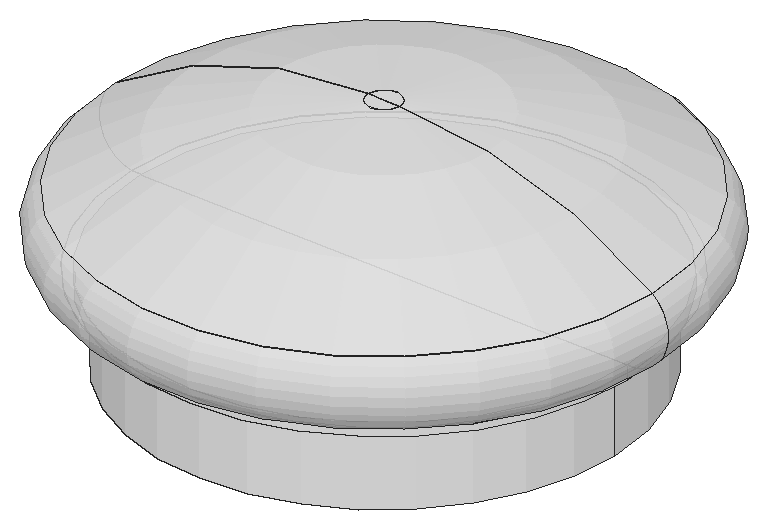
Revit family "0043110 Sylvania Lighting Fixture START ECO SURFACE IP44 520LM 840", category Lighting Fixtures, host Face, Revit 2016
Family settings
  Host = Face
  Part Type = Normal
  Round Connector Dimension = Use Diameter
  OmniClass Number = 23.80.70.11.17
  OmniClass Title = Specialized Lighting by Location or Use
  Cut with Voids When Loaded = No
  Light Source = Yes
  Shared = No
  Room Calculation Point = No
Parameters (values of type "0043110 START ECO SURFACE IP44 520LM 840")
  Weight = "kg"
  WarrantyStartDate [instance] = "n/a"
  WarrantyGuarantorParts = "n/a"
  WarrantyDurationUnit = "n/a"
  WarrantyDurationParts = "n/a"
  WarrantyDescription = "n/a"
  Voltage = 230 V
  TypeName = "START ECO SURFACE IP44 520LM 840"
  SerialNumber [instance] = "n/a"
  Radius_FEILO = 90.0 mm
  Wattage = 6 W
  built-in parameter 1150110 = 1 (stored number, unit not read)
  URL = "http://www.sylvania-lighting.com"
  built-in parameter 1114217 = 1 (stored number, unit not read)
  Tilt Angle = -90°
  built-in parameter 1150109 = 1 (stored number, unit not read)
  built-in parameter 1150134 = 12
  built-in parameter 1150113 = 1 (stored number, unit not read)
  PowerFactor = 0.8
  PowerConsumption = "6 W"
  Photometric Web File = "0043110.ies"
  NominalWidth = 0.0 mm
  NominalLength = 180.0 mm
  NominalHeight = 75.0 mm
  Name = "START ECO SURFACE IP44 520LM 840"
  ModelReference = "START ECO SURFACE IP44 520LM 840"
  ModelNumber = "0043110"
  Material_4_FEILO = none
  Material_3_FEILO = Polycarbonate_Sylvania_Sylcircle_Opal
  Material_2_FEILO = Metal_Sylvania_Sylcircle_White
  Material_1_FEILO = none
  Material = "aluminium housing, polycarbonate diffuser"
  ManufacturerName = "Feilo Sylvania"
  LuminousEfficacy = "86 lm/W"
  LuminaireType = ""
  LightOutputRatio = "n/a"
  LampsType = Lamp  # "LED"
  LampNominalLuminous = "515 lm"
  LampMacAdamStep = "6"
  LampColourTemperature = "4000 K"
  LampColourRenderingIndex = "80"
  Keynote = "16500"
  InstallationDate [instance] = "n/a"
  InputVoltage = "220-240V~"
  InputNominalFrequency = "50 Hz"
  IngressProtection = "IP44"
  ImpactProtectionIndex = "IK03"
  IfcExportType = "IfcLightFixtureType"
  IfcExportAs = "IfcLightFixtureType"
  Height_FEILO = 75.0 mm
  ExpectedLife = 50000
  ElectricShockClassification = "Class I"
  DurationUnit = "hours"
  DocumentationLiterature = "http://www.sylvania-lighting.com/product/en-int/products/0043110"
  DimmingControlOptions = "Non dimmable"
  Diameter_FEILO = 2 * Radius_FEILO  # 180.0 mm
  CreatedOn = "8/8/2018"
  CreatedBy = "@sylvania-lighting.com"
  built-in parameter 1114216 [instance] = 1 (stored number, unit not read)
  Model = "START ECO SURFACE IP44 520LM 840"
  Manufacturer = "Feilo Sylvania"
  built-in parameter 1150105 = 138.1 (stored number, unit not read)
  Lumens = 516 lm
  built-in parameter 1150115 = 1 (stored number, unit not read)
  built-in parameter 1150137 = (empty or 0)
  built-in parameter 1150139 = (empty or 0)
  built-in parameter 1150112 = 1 (stored number, unit not read)
  built-in parameter 1150114 = 1 (stored number, unit not read)
  Lamp = "LED"
  built-in parameter 1150132 = 2
  built-in parameter 1150102 = (empty or 0)
  built-in parameter 1150107 = 4000 (stored number, unit not read)
  built-in parameter 1150138 = (empty or 0)
  built-in parameter 1150106 = 1.381 (stored number, unit not read)
  built-in parameter 1150104 = 7.9897 (stored number, unit not read)
  Dimming Lamp Color Temperature Shift = <None>
  Description = "Ceiling / wall luminaire with integrated LED  Perfect solution for hallways, circulation spaces or foyer.   Even and uniform light distribution with a halo lighting effect on the wall surface    6W 515 lumens Supplied with LED driver (non-dimmable)    IK03 PMMA diffuser   Low maintenance with 30,000 hours LED life expectancy"
  Default Elevation = 0.0 mm
  Color Filter = 16777215
  built-in parameter 1140040 [instance] = 1
  BarCode [instance] = "n/a"
  built-in parameter 1114218 = 1 (stored number, unit not read)
  built-in parameter 1150133 = 10 (stored number, unit not read)
  AssetType = "Fixed"
  AssetIdentifier [instance] = "n/a"
  Assembly Code = "D5020200"
  Apparent Load = 6 VA
Reference planes
  plane 1 "Center (Front/Back)": y = 0
  plane 2: z = 0
  plane 3 "Center (Left/Right)": x = 0
  plane 4: x = 90
  plane 5: z = 23
  plane 6 "Housing Bottom": z = 27
  plane 7: z = 50
  plane 8 "Fixture Bottom": z = 75
  plane 9: x = 85
  plane 10: x = 80
  plane 11: x = 77
  plane 12: x = 73
Forms (mm)
  Revolve 1, solid, material "Polycarbonate_Sylvania_Sylcircle_Opal" <- "Material_3_FEILO", detail levels fine
    sketch origin (0, 0, 0) x (1, 0, 0) y (0, 0, 1)
      loop
        line (0, 75) -> (0, 27) -> (79.962, 27)
        arc (79.962, 27) -> (89.736, 36.911) -> (85, 50) r 13.044
        arc (85, 50) -> (46.908, 68.604) -> (5, 75) r 140.5
        line (5, 75) -> (0, 75)
      axis (0, 75) -> (0, 27)
    angle from 0 to 360
  Revolve 2, solid, material "Metal_Sylvania_Sylcircle_White" <- "Material_2_FEILO", detail levels fine
    sketch origin (0, 0, 0) x (1, 0, 0) y (0, 0, 1)
      loop
        line (77, 27) -> (0, 27) -> (0, 0) -> (73, 0) -> (73, 23) -> (77, 23) -> (77, 27)
      axis (0, 27) -> (0, 0)
    angle from 0 to 360
  Revolve 3, solid, material "Metal_Sylvania_Sylcircle_White" <- "Material_2_FEILO", detail levels coarse+medium
    sketch origin (0, 0, 0) x (1, 0, 0) y (0, 0, 1)
      loop
        line (0, 75) -> (0, 0) -> (73, 0) -> (73, 23) -> (77, 23) -> (77, 27) -> (79.962, 27)
        arc (79.962, 27) -> (89.736, 36.911) -> (85, 50) r 13.044
        arc (85, 50) -> (46.908, 68.604) -> (5, 75) r 140.5
        line (5, 75) -> (0, 75)
      axis (0, 75) -> (0, 0)
    angle from 0 to 360
Dimensions and locks
  "Height_FEILO": plane 8 "Fixture Bottom" to plane 2
  "Radius_FEILO": plane 4 to plane 3 "Center (Left/Right)"
  plane 6 "Housing Bottom" to plane 5 to plane 2 = 4.0 mm locked, 23.0 mm locked
  plane 4 to plane 9 to plane 10 to plane 11 to plane 12 = 5.0 mm locked, 5.0 mm locked, 3.0 mm locked, 4.0 mm locked
  aligned and locked: plane 2 to host face
  aligned and locked: level to host face
  aligned and locked: plane 1 "Center (Front/Back)" to imposter light
  aligned and locked: plane 3 "Center (Left/Right)" to imposter light
  aligned and locked: Revolve 1 sketch curve to plane 3 "Center (Left/Right)"
  aligned and locked: plane 6 "Housing Bottom" to Revolve 1 sketch curve  (x2)
  aligned and locked: Revolve 1 sketch curve to plane 8 "Fixture Bottom"
  aligned and locked: plane 9 to Revolve 1 sketch curve
  aligned and locked: Revolve 2 sketch curve to plane 6 "Housing Bottom"
  aligned and locked: Revolve 2 sketch curve to plane 11
  aligned and locked: Revolve 2 sketch curve to plane 5
  aligned and locked: Revolve 2 sketch curve to plane 12
  aligned and locked: Revolve 2 sketch curve to plane 2
  aligned and locked: Revolve 2 sketch curve to plane 3 "Center (Left/Right)"  (x2)
  aligned and locked: plane 8 "Fixture Bottom" to imposter light
  aligned and locked: plane 9 to Revolve 3 sketch curve
  aligned and locked: plane 6 "Housing Bottom" to Revolve 3 sketch curve
  aligned and locked: plane 7 to Revolve 3 sketch curve
  aligned and locked: Revolve 3 sketch curve to imposter light
  aligned and locked: Revolve 3 sketch curve to plane 11
  aligned and locked: Revolve 3 sketch curve to plane 2
  aligned and locked: Revolve 3 sketch curve to plane 5
  aligned and locked: Revolve 3 sketch curve to plane 12
Automatic sketch dimensions
  host sketch curve to host sketch curve = 1305.563 mm
  host sketch curve to host sketch curve = 1283.632 mm
  Revolve 1 sketch curve to plane 3 "Center (Left/Right)" = 0.0 mm
  Revolve 1 sketch curve to plane 7 = 0.0 mm
  Revolve 1 sketch curve to plane 10 = 0.038 mm
  plane 3 "Center (Left/Right)" to Revolve 1 sketch curve = 5.0 mm
  Revolve 1 sketch curve to plane 10 = 3.007 mm
  Revolve 1 sketch curve to Revolve 1 sketch curve = 234.06 mm
  Revolve 1 sketch curve to Revolve 1 sketch curve = 2559.943 mm
  Revolve 2 sketch curve to level = 372.274 mm
  plane 8 "Fixture Bottom" to Revolve 2 sketch curve = 2559.943 mm
  Revolve 3 sketch curve to plane 3 "Center (Left/Right)" = 0.0 mm  (x2)
  plane 3 "Center (Left/Right)" to Revolve 3 sketch curve = 5.0 mm
  Revolve 3 sketch curve to plane 10 = 0.038 mm
  Revolve 3 sketch curve to plane 11 = 0.007 mm
  Revolve 3 sketch curve to Revolve 3 sketch curve = 234.06 mm
  Revolve 3 sketch curve to Revolve 3 sketch curve = 2559.943 mm
Connectors
  electrical at (0, 0, 0), driven by "Apparent Load", driven by "Voltage", driven by "PowerFactor"
    settings: on Revolve 2, index 1, voltage 230 V, apparent load 0 VA, apparent load phase1 6 VA, apparent load phase2 0 VA, apparent load phase3 0 VA, power factor 0.8, load classification "Lighting", number of poles 1, system type 31, power factor state 1, is connector primary yes, connector utility no, sub classification motor no, connector description ""
